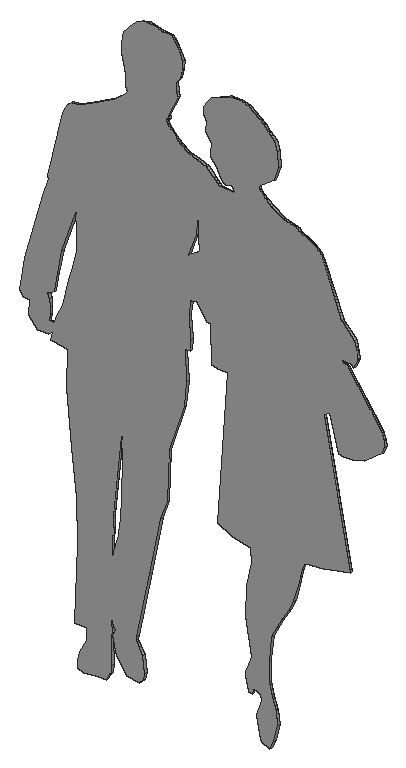
Revit family
Parameters (values of type "People_03_Multiple_views")
  built-in parameter 1005198 = (empty or 0)
  built-in parameter 1005195 = "d:\\byoh\\M25_HOL1_Santa.rpc"
  Assembly Code = ""
Reference planes (in)
  plane 1 "Center (Front/Back)": y = 0
  plane 2: z = 0
  plane 3 "Center (Left/Right)": x = 0
Forms (in)
  Extrusion 1, solid, material "Entourage-Figure"
    sketch origin (-34.01619, 0, -2.31355) x (1, 0, 0) y (0, 0, 1)
      loop
        line (17.57099, 36.73018) -> (17.34032, 35.83688) -> (18.57443, 35.63795) -> (19.35558, 35.50834) -> (19.17467, 31.55945) -> (19.74869, 25.36384) -> (20.34009, 20.34773) -> (20.44336, 15.60763) -> (20.17801, 7.28936) -> (21.50669, 7.19069) -> (21.51858, 5.84257) -> (20.70033, 4.43353) -> (20.4709, 3.37157) -> (20.46551, 2.60979) -> (21.13627, 2.36265) -> (22.64333, 2.58038) -> (23.88044, 2.60244) -> (24.24436, 3.37891) -> (24.40751, 3.38937) -> (24.49909, 4.29556) -> (24.46176, 7.46645) -> (24.62624, 7.78353) -> (24.45587, 8.93509) -> (24.91678, 8.11292) -> (24.52827, 7.49567) -> (25.03555, 5.55134) -> (26.20005, 3.83452) -> (27.77117, 3.65873) -> (28.14908, 4.06277) -> (28.34938, 4.8195) -> (28.11282, 6.60166) -> (27.33543, 7.97395) -> (27.41809, 8.32762) -> (28.9294, 15.44544) -> (30.21449, 21.65913) -> (30.98161, 23.72124) -> (31.18573, 29.1291) -> (32.97396, 34.34194) -> (33.23618, 36.99608) -> (33.09499, 40.32083) -> (33.61667, 40.34598) -> (33.70956, 41.55878) -> (33.54513, 44.13657) -> (33.71133, 45.56946) -> (34.30657, 45.71107) -> (35.35581, 44.29272) -> (35.57325, 44.08674) -> (36.01428, 44.07872) -> (36.05836, 39.73654) -> (36.7834, 39.64362) -> (38.01705, 39.59616) -> (36.76259, 23.54501) -> (38.59181, 22.67332) -> (40.67076, 22.24457) -> (40.80667, 20.77411) -> (40.18593, 18.10529) -> (40.01375, 14.92624) -> (40.82153, 10.98096) -> (40.39773, 9.94448) -> (40.07018, 9.2452) -> (40.01028, 8.69523) -> (40.15151, 8.26535) -> (40.31873, 7.70407) -> (40.42429, 7.21092) -> (40.8737, 7.09097) -> (41.02771, 7.5712) -> (41.19386, 7.64193) -> (41.47942, 7.49761) -> (41.76575, 7.33113) -> (41.94843, 6.74473) -> (41.37614, 5.04931) -> (41.54351, 3.83749) -> (41.78061, 2.71978) -> (41.92718, 2.455) -> (42.92009, 2.14536) -> (43.35742, 3.03161) -> (43.81937, 4.84405) -> (43.68438, 6.33306) -> (43.19578, 7.62592) -> (42.85733, 9.04142) -> (42.83667, 11.24032) -> (43.15054, 13.89807) -> (43.82935, 15.12664) -> (44.43423, 16.16991) -> (45.22586, 17.41764) -> (45.68706, 18.46806) -> (46.34754, 20.62841) -> (46.44474, 21.27411) -> (46.71708, 22.1713) -> (47.05323, 22.82756) -> (49.20477, 23.13944) -> (52.29349, 23.76634) -> (49.24283, 39.19678) -> (49.86548, 39.57005) -> (50.8713, 35.70937) -> (51.46672, 35.53569) -> (52.49454, 35.64716) -> (53.9441, 36.01644) -> (56.03721, 37.55253) -> (56.30079, 38.27359) -> (56.26981, 38.95819) -> (55.85917, 39.85685) -> (51.948, 45.20469) -> (51.43761, 45.35642) -> (51.42316, 45.5777) -> (52.2831, 45.53233) -> (52.69807, 45.27577) -> (53.24533, 46.28354) -> (53.14068, 46.42797) -> (53.06938, 46.9732) -> (52.98397, 47.47407) -> (52.8001, 48.17626) -> (51.48895, 49.5768) -> (51.27451, 49.67291) -> (49.10699, 55.15522) -> (48.76638, 55.87383) -> (48.06449, 56.42919) -> (47.39858, 56.77366) -> (46.26703, 57.28536) -> (46.23429, 57.56114) -> (45.66739, 57.65441) -> (44.50879, 58.01141) -> (43.11999, 58.77583) -> (41.99083, 59.59386) -> (41.66138, 60.16321) -> (41.64277, 60.44294) -> (42.24619, 60.80322) -> (43.41151, 61.62344) -> (43.95626, 63.13902) -> (43.84164, 64.75712) -> (43.48845, 65.78303) -> (42.72026, 66.40674) -> (42.21721, 67.03585) -> (40.55176, 68.30365) -> (39.65295, 68.54355) -> (38.2513, 68.48321) -> (37.60471, 68.21037) -> (37.06744, 67.99111) -> (36.16025, 67.62815) -> (35.52341, 66.91159) -> (35.16464, 66.36427) -> (35.11841, 65.64775) -> (35.53205, 64.947) -> (35.37668, 63.94245) -> (36.05272, 62.86795) -> (35.9433, 61.97659) -> (35.95567, 61.57171) -> (36.22669, 61.13537) -> (36.56976, 60.8395) -> (37.30241, 59.50196) -> (37.48671, 59.28369) -> (37.7894, 59.20357) -> (38.03829, 59.25623) -> (38.46886, 59.41137) -> (38.80253, 58.64665) -> (37.08449, 58.76469) -> (35.55109, 60.25825) -> (34.51111, 60.64923) -> (33.44032, 60.98133) -> (32.50898, 61.59458) -> (31.62372, 62.38676) -> (30.95934, 63.13541) -> (30.85309, 63.61466) -> (31.16132, 63.64579) -> (31.1411, 63.89307) -> (31.0562, 64.0142) -> (32.20781, 66.27947) -> (32.07626, 66.90403) -> (31.98939, 67.77263) -> (32.44257, 68.38202) -> (32.6697, 69.39763) -> (32.7659, 70.30359) -> (32.35526, 71.20225) -> (31.85795, 72.04017) -> (31.46038, 72.54786) -> (30.42117, 72.581) -> (29.71543, 72.77876) -> (28.81339, 72.95377) -> (28.02591, 72.81639) -> (27.39075, 72.47163) -> (26.68867, 71.80958) -> (26.44932, 71.57522) -> (25.85153, 70.95444) -> (25.62885, 69.74809) -> (25.6752, 68.71887) -> (25.83371, 67.70265) -> (25.91891, 67.08041) -> (26.09098, 66.61647) -> (26.11163, 65.44448) -> (26.37366, 64.82737) -> (26.1174, 64.53344) -> (24.93402, 63.63049) -> (23.01113, 62.62029) -> (20.85788, 61.55651) -> (19.82776, 61.39868) -> (19.33559, 61.03286) -> (19.05502, 60.62398) -> (18.73071, 59.98959) -> (17.04095, 52.83419) -> (17.12375, 52.53732) -> (16.36985, 50.46061) -> (14.30766, 43.29122) -> (13.77471, 39.77234) -> (14.16583, 39.13486) -> (14.92831, 39.14338) -> (14.78428, 37.55674) -> (15.88379, 36.30543) -> (17.05628, 36.33095) -> (17.57099, 36.73018)
      loop
        line (24.5776, 15.87404) -> (25.239, 18.13369) -> (25.39933, 19.39425) -> (25.48521, 19.81282) -> (25.57482, 22.26645) -> (25.69958, 26.07981) -> (25.59621, 28.61625) -> (24.65061, 20.03559) -> (24.5776, 15.87404)
      loop
        line (17.80109, 37.62126) -> (17.97728, 38.30356) -> (18.77173, 39.83406) -> (19.40179, 42.75886) -> (19.96116, 44.19472) -> (20.33456, 46.0952) -> (20.36441, 48.37523) -> (20.30515, 50.10092) -> (18.68248, 45.57802) -> (18.14285, 42.95163) -> (17.81974, 41.0347) -> (17.03696, 40.61829) -> (17.28206, 40.03455) -> (17.33552, 39.19266) -> (17.30622, 38.43265) -> (17.22291, 37.8082) -> (17.80109, 37.62126)
      loop
        line (33.45168, 50.35016) -> (34.72664, 51.12574) -> (34.50491, 54.22806) -> (34.36123, 52.7195) -> (33.45168, 50.35016)
    from -0.09766 to 0.09766
